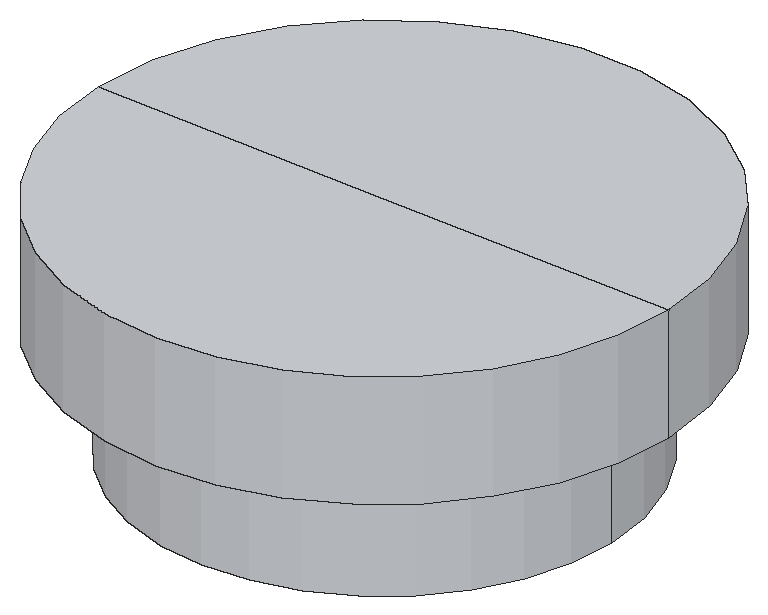
Revit family "BM_Rauchmelder_V1700", category Brandmelder, Revit 2017
Family settings
  Beschriftungsausrichtung beibehalten = Nein
  Bemaßung runder Anschluss = Radius verwenden
  Teiletyp = Normal
  OmniClass-Nummer = 23.85.30.21.11
  OmniClass-Titel = Fire Detection, Monitoring and Alarm
  Arbeitsebenenbasiert = Ja
  Immer vertikal = Ja
  Beim Laden mit Abzugskörper schneiden = Nein
  Gemeinsam genutzt = Nein
  Raumberechnungspunkt = Ja
Parameters (values of type "Rauchmelder_u_Decke")
  pbr_Material_KZ = ""
  pbr_Material = none
  pbr_E_Typ = ""
  pbr_E_KZ = ""
  pbr_DINBild = 0
  pbr_Bild = 0
  pbr_3Dx_Delta_Korrekturversatz [instance] = 0 mm
  pbr_3DX_Versatzfaktor [instance] = 0
  pbr_2DY_Versatzfaktor [instance] = 0
  pbr_2DX_Versatzfaktor [instance] = 0
  lfd_STRK [instance] = 0
  Zentrale [instance] = ""
  YFrontversatz [instance] = if(pbr_2DY_Versatzfaktor = 300, 0 mm, pbr_2DY_Versatzfaktor * 300 mm)  # 0 mm
  XSeitenversatz [instance] = if(pbr_2DX_Versatzfaktor = 0, 3000 mm, 3000 mm + (pbr_2DX_Versatzfaktor * 300 mm)) + Eckversatz  # 3000 mm
  X3Dversatz [instance] = if([3DX_Versatzkontrolle] = 0, 2000 mm, 2000 mm + ([3DX_Versatzkontrolle] * (300 mm - Breite))) + pbr_3Dx_Delta_Korrekturversatz  # 2000 mm
  Winkel [instance] = 90.00°
  Default Elevation = 1219.2 mm
  Typ [instance] = ""
  Tiefe = Breite  # 200 mm
  Text3 [instance] = ""
  Text2 [instance] = ""
  Text1 [instance] = ""
  Symbollänge [instance] = 0 mm
  Symbolabstand [instance] = if(Symbollänge = 0 mm, Breite, Symbollänge)  # 200 mm
  Spannung [instance] = 0
  Scheinleistung [instance] = 0 VA
  Rauchmelder unter Decke = yes
  Rauchmelder mit Alarmierung = no
  Rauchmelder in abgehängter Decke = no
  Rauchmelder im Lüftungskanal = no
  Rauchmelder im Doppelboden = no
  Rauchmelder (RWA) = no
  Radius_Melder = Breite * 0.4  # 80 mm
  Polig [instance] = 1
  Planungsbüro Osnabrück = "www.pbr.de"
  Niveau [instance] = 0 mm
  Netzart = ""
  Nennstrom [instance] = 0
  Menge (Dosenzahl) [instance] = 1
  Mehrkriterienmelder Küche = no
  Loop [instance] = ""
  Linie/Anschluss [instance] = ""
  Linearer Rauchmelder Sender = no
  Linearer Rauchmelder Empfänger = no
  Leistungsfaktor [instance] = 0
  Lastklassifizierung = none
  Ionisations-Rauchmelder = no
  Installationsart = ""
  Info [instance] = ""
  Höhe = 80 mm
  Gewerk [instance] = "Brandmelder"
  Flammenmelder Infrarot (FMI) = no
  Eckversatz [instance] = 0 mm
  Bus [instance] = ""
  Breite = 200 mm
  Betriebsstrom ruhe [instance] = 0
  Betriebsstrom max [instance] = 0
  3DX_Versatzkontrolle [instance] = if(pbr_3DX_Versatzfaktor = 0, (pbr_2DX_Versatzfaktor * -1), (((-1 * pbr_3DX_Versatzfaktor) + pbr_2DX_Versatzfaktor) * -1))  # 0
Types (11, lengths in mm): name | Rauchmelder unter Decke | Rauchmelder mit Alarmierung | Rauchmelder in abgehängter Decke | Rauchmelder im Lüftungskanal | Rauchmelder im Doppelboden | Rauchmelder (RWA) | Mehrkriterienmelder Küche | Linearer Rauchmelder Sender | Linearer Rauchmelder Empfänger | Ionisations-Rauchmelder | Gewerk | Flammenmelder Infrarot (FMI)
  Rauchmelder_RWA | no | no | no | no | no | yes | no | no | no | no | "RWA" | no
  Rauchmelder_Doppelboden | no | no | no | no | yes | no | no | no | no | no | "Brandmelder" | no
  Rauchmelder_u_Decke | yes | no | no | no | no | no | no | no | no | no | "Brandmelder" | no
  Rauchmelder_Alarmierung | no | yes | no | no | no | no | no | no | no | no | "Brandmelder" | no
  Rauchmelder_Lueftungskanal | no | no | no | yes | no | no | no | no | no | no | "Brandmelder" | no
  Ionisations_Rauchmelder | no | no | no | no | no | no | no | no | no | yes | "Brandmelder" | no
  Flammenmelder_Infrarot | no | no | no | no | no | no | no | no | no | no | "Brandmelder" | yes
  Linearer_Rauchmelder_Empf | no | no | no | no | no | no | no | no | yes | no | "Brandmelder" | no
  Linearer_Rauchmelder_Send | no | no | no | no | no | no | no | yes | no | no | "Brandmelder" | no
  Mehrkriterienmelder_Kueche | no | no | no | no | no | no | yes | no | no | no | "Brandmelder" | no
  Rauchmelder_abgehaengter_Decke | no | no | yes | no | no | no | no | no | no | no | "Brandmelder" | no
Reference planes
  plane 1 "Mitte (Vorne/Hinten)": y = 0
  plane 2: z = 0
  plane 3 "Mitte (Links/Rechts)": x = 0
  plane 4: y = 100
  plane 5: x = 100
  plane 6: y = -100
  plane 7: x = -100
  plane 8: y = -100
  plane 9: y = 100
  plane 10: x = -100
  plane 11: x = 100
  plane 12: z = 80
  plane 13: z = 40
Forms (mm)
  Revolve 1, solid
    sketch origin (0.104, 0.058, -0.046) x (1, 0, 0) y (0, 0, 1)
      loop
        line (0, 80.046) -> (0, 0) -> (79.896, 0) -> (79.896, 40.046) -> (99.896, 40.046) -> (99.896, 80.046) -> (0, 80.046)
      axis (0, 0) -> (0, 80.046)
    angle from 0 to 360
Lines and regions (mm)
  reference lines
    curve 1: line (0, 0, 1407.319) -> (0, 0, 1447.319)
Dimensions and locks
  equal spacing: plane 7, plane 3 "Mitte (Links/Rechts)", plane 5
  equal spacing: plane 6, plane 1 "Mitte (Vorne/Hinten)", plane 4
  "Symbolabstand": plane 7 to plane 5
  plane 4 to plane 6 = 200 mm
  equal spacing: plane 8, plane 1 "Mitte (Vorne/Hinten)", plane 9
  "Tiefe": plane 8 to plane 9
  equal spacing: plane 10, plane 3 "Mitte (Links/Rechts)", plane 11
  "Breite": plane 10 to plane 11
  "Höhe": plane 12 to plane 2
  equal spacing: plane 12, plane 13, level
  "Radius_Melder": Revolve 1 sketch curve to plane 3 "Mitte (Links/Rechts)"
  aligned and locked: level to plane 2
  aligned and locked: Revolve 1 sketch curve to plane 12
  aligned and locked: plane 3 "Mitte (Links/Rechts)" to nested 1
  aligned and locked: plane 1 "Mitte (Vorne/Hinten)" to nested 1
  aligned and locked: plane 3 "Mitte (Links/Rechts)" to nested 2
  aligned and locked: plane 1 "Mitte (Vorne/Hinten)" to nested 2
  aligned and locked: plane 3 "Mitte (Links/Rechts)" to nested 3
  aligned and locked: plane 1 "Mitte (Vorne/Hinten)" to nested 3
  aligned and locked: plane 3 "Mitte (Links/Rechts)" to nested 5
  aligned and locked: plane 1 "Mitte (Vorne/Hinten)" to nested 5
  aligned and locked: plane 3 "Mitte (Links/Rechts)" to nested 6
  aligned and locked: plane 1 "Mitte (Vorne/Hinten)" to nested 6
  aligned and locked: plane 3 "Mitte (Links/Rechts)" to nested 7
  aligned and locked: plane 1 "Mitte (Vorne/Hinten)" to nested 7
  aligned and locked: plane 3 "Mitte (Links/Rechts)" to nested 8
  aligned and locked: plane 1 "Mitte (Vorne/Hinten)" to nested 8
  aligned and locked: plane 3 "Mitte (Links/Rechts)" to nested 9
  aligned and locked: plane 1 "Mitte (Vorne/Hinten)" to nested 9
  aligned and locked: plane 3 "Mitte (Links/Rechts)" to nested 10
  aligned and locked: plane 1 "Mitte (Vorne/Hinten)" to nested 10
Automatic sketch dimensions
  curve 1 to plane 3 "Mitte (Links/Rechts)" = 0 mm
  level to curve 1 = 1407.319 mm
  curve 1 to curve 1 = 40 mm
  Revolve 1 sketch curve to plane 5 = 0 mm
  Revolve 1 sketch curve to plane 13 = 0 mm
  plane 3 "Mitte (Links/Rechts)" to Revolve 1 sketch curve = 0.104 mm  (x2)
  Revolve 1 sketch curve to level = 0.046 mm
  Revolve 1 sketch curve to plane 13 = 8.096 mm
  Revolve 1 sketch curve to Revolve 1 sketch curve = 75.15 mm
Nested families
  nested 1: "Flammenmelder Infrarot (FMI)" at (0, 0, 0), visible <- "Flammenmelder Infrarot (FMI)", type "Flammenmelder Infrarot (FMI)"
  nested 2: "Ionisations-Rauchmelder" at (0, 0, 0), visible <- "Ionisations-Rauchmelder", type "Ionisations-Rauchmelder"
  nested 3: "Rauchmelder (RWA)" at (0, 0, 0), visible <- "Rauchmelder (RWA)", type "Rauchmelder (RWA)"
  nested 4: "Rauchmelder im Doppelboden" at (0, 0, 0), visible <- "Rauchmelder im Doppelboden", type "Rauchmelder im Doppelboden"
  nested 5: "Rauchmelder im Lüftungskanal" at (0, 0, 0), visible <- "Rauchmelder im Lüftungskanal", type "Rauchmelder im Lüftungskanal"
  nested 6: "Rauchmelder in abgeh.Decke" at (0, 0, 0), visible <- "Rauchmelder in abgehängter Decke", type "Rauchmelder in abgeh.Decke"
  nested 7: "Rauchmelder mit Alarmierung" at (0, 0, 0), visible <- "Rauchmelder mit Alarmierung", type "Rauchmelder mit Alarmierung"
  nested 8: "Rauchmelder unter Decke" at (0, 0, 0), visible <- "Rauchmelder unter Decke", type "Rauchmelder unter Decke"
  nested 9: "Linearer Rauchmelder Empfänger" at (0, 0, 0), visible <- "Linearer Rauchmelder Empfänger", type "Linearer Rauchmelder Empfänger"
  nested 10: "Linearer Rauchmelder Sender" at (0, 0, 0), visible <- "Linearer Rauchmelder Sender", type "Linearer Rauchmelder Sender"
  nested 11: "Mehrkriterienmelder Küche" at (-10, -134.946, 0), visible <- "Mehrkriterienmelder Küche", Winkel <- "Winkel", type "Mehrkriterienmelder Küche"
    with Winkel 90.00°
Connectors
  electrical at (0.104, 0.058, 80)
    settings: on Revolve 1, index 1, voltage 12 V, apparent load 1 VA, apparent load phase1 0 VA, apparent load phase2 0 VA, apparent load phase3 0 VA, power factor 1, load classification "Sonstige", number of poles 1, system type 11, power factor state 1, is connector primary yes, connector utility no, sub classification motor no, connector description ""
Definition of nested family "Flammenmelder Infrarot (FMI)"
  Parameters (values of type "Flammenmelder Infrarot (FMI)")
    R = yes
    I = yes
  Reference planes
    plane 1 "Mitte (Vorne/Hinten)": y = 0
    plane 2: z = 0
    plane 3 "Mitte (Links/Rechts)": x = 0
    plane 4: x = 0
    plane 5: y = 0
  Lines and regions (mm)
    Filled region 1, type "Beton", in view "Referenzebene", visible <- "I"
      outline origin (355.008, -762.562, 0) x (1, 0, 0) y (0, 1, 0)
        loop
          line (-435.145, 897.421) -> (-458.442, 897.421) -> (-458.442, 720.036) -> (-435.145, 720.036) -> (-435.145, 897.421)
    Filled region 2, type "Beton", in view "Referenzebene", visible <- "R"
      outline origin (-479.752, -683.543, 0) x (1, 0, 0) y (0, 1, 0)
        loop
          line (461.884, 794.515) -> (461.884, 735.525) -> (526.884, 735.525)
          arc (526.884, 735.525) -> (556.379, 765.02) -> (526.884, 794.515) r 29.495
          line (526.884, 794.515) -> (461.884, 794.515)
        loop
          line (438.525, 813.798) -> (438.525, 636.413) -> (461.902, 636.413) -> (461.902, 715.142) -> (491.437, 715.142)
          spline (491.437, 715.142) -> (499.704, 714.647) -> (504.203, 713.6) -> (507.421, 712.494) -> (510.186, 711.185) -> (512.796, 709.521) -> (515.224, 707.7) -> (517.472, 705.797) -> (519.643, 703.669) -> (521.897, 701.172) -> (524.464, 698.167) -> (527.833, 694.002) -> (532.856, 687.296)
          line (532.856, 687.296) -> (564.651, 636.413) -> (594.651, 636.413) -> (569.281, 677.014)
          spline (569.281, 677.014) -> (564.676, 683.577) -> (560.638, 689.257) -> (557.067, 694.12) -> (553.865, 698.23) -> (550.959, 701.65) -> (548.412, 704.409) -> (546.337, 706.529) -> (544.796, 708.058) -> (543.428, 709.275) -> (541.64, 710.601) -> (538.684, 712.62) -> (530.969, 717.131)
          arc (530.969, 717.131) -> (579.303, 765.465) -> (530.969, 813.798) r 48.334
          line (530.969, 813.798) -> (438.525, 813.798)
    detail lines, in view "Referenzebene"
      curve 1: line (-108.927, -127.422, 0) -> (107.041, -127.422, 0)
      curve 2: line (107.041, -127.422, 0) -> (107.041, -47.13, 0)
      curve 3: line (107.041, -47.13, 0) -> (-108.927, -47.13, 0)
      curve 4: line (-108.927, -47.13, 0) -> (-108.927, -127.422, 0)
      curve 5: line (-69.286, -47.13, 0) -> (-2.346, -47.13, 0)
      curve 6: line (-2.346, -47.13, 0) -> (-34.407, -127.422, 0)
      curve 7: line (-34.407, -127.422, 0) -> (-69.286, -47.13, 0)
      curve 8: line (-1.641, -47.13, 0) -> (66.355, -47.13, 0)
      curve 9: line (66.355, -47.13, 0) -> (25.134, -127.422, 0)
      curve 10: line (25.134, -127.422, 0) -> (-1.641, -47.13, 0)
      curve 11: line (-134.92, -134.859, 0) -> (-134.92, 134.859, 0)
      curve 12: line (-134.92, 134.859, 0) -> (134.92, 134.859, 0)
      curve 13: line (134.92, 134.859, 0) -> (134.92, -134.859, 0)
      curve 14: line (134.92, -134.859, 0) -> (-134.92, -134.859, 0)
Definition of nested family "Ionisations-Rauchmelder"
  Reference planes
    plane 1 "Mitte (Vorne/Hinten)": y = 0
    plane 2: z = 0
    plane 3 "Mitte (Links/Rechts)": x = 0
  Lines and regions (mm)
    detail lines, in view "Referenzebene"
      curve 1: line (-135, 135, 0) -> (-135, -135, 0)
      curve 2: line (-135, -135, 0) -> (135, -135, 0)
      curve 3: line (135, -135, 0) -> (135, 135, 0)
      curve 4: line (135, 135, 0) -> (-135, 135, 0)
      curve 5: arc (-3.435, 50.345, 0) -> (-29.325, 87.616, 0) -> (-72.795, 100.647, 0) r 68.778
      curve 6: arc (-3.435, 50.345, 0) -> (11.343, 20.761, 0) -> (40.375, 4.925, 0) r 55.224
      curve 7: arc (77.74, -37.577, 0) -> (64.807, -11.272, 0) -> (40.375, 4.925, 0) r 56.126
      curve 8: arc (-49.945, 23.493, 0) -> (-75.836, 60.764, 0) -> (-119.306, 73.795, 0) r 68.778
      curve 9: arc (-49.945, 23.493, 0) -> (-35.167, -6.092, 0) -> (-6.136, -21.928, 0) r 55.224
      curve 10: arc (31.23, -64.43, 0) -> (18.296, -38.125, 0) -> (-6.136, -21.928, 0) r 56.126
      curve 11: line (77.74, -37.577, 0) -> (90.426, -31.655, 0)
      curve 12: line (90.426, -31.655, 0) -> (97.558, -80.281, 0)
      curve 13: line (97.558, -80.281, 0) -> (64.86, -43.591, 0)
      curve 14: line (64.86, -43.591, 0) -> (77.74, -37.577, 0)
      curve 15: line (31.23, -64.43, 0) -> (43.915, -58.508, 0)
      curve 16: line (43.915, -58.508, 0) -> (51.048, -107.134, 0)
      curve 17: line (51.048, -107.134, 0) -> (18.349, -70.444, 0)
      curve 18: line (18.349, -70.444, 0) -> (31.23, -64.43, 0)
Definition of nested family "Rauchmelder (RWA)"
  Reference planes
    plane 1 "Mitte (Vorne/Hinten)": y = 0
    plane 2: z = 0
    plane 3 "Mitte (Links/Rechts)": x = 0
    plane 4: x = 0
    plane 5: y = 0
  Lines and regions (mm)
    Filled region 1, type "Beton", in view "Referenzebene"
      outline origin (-873.62, -847.301, 0) x (1, 0, 0) y (0, 1, 0)
        loop
          line (921.11, 862.829) -> (898.41, 840.129) -> (962.605, 798.635) -> (921.11, 862.829)
        loop
          line (882.176, 823.895) -> (859.476, 801.195) -> (923.671, 759.701) -> (882.176, 823.895)
    detail lines, in view "Referenzebene"
      curve 1: line (-87.602, 50.052, 0) -> (-2.794, -34.756, 0)
      curve 2: line (-48.667, 88.986, 0) -> (36.14, 4.178, 0)
      curve 3: line (-135.028, 135.028, 0) -> (135.028, 135.028, 0)
      curve 4: line (135.028, 135.028, 0) -> (135.028, -135.028, 0)
      curve 5: line (135.028, -135.028, 0) -> (-135.028, -135.028, 0)
      curve 6: line (-135.028, -135.028, 0) -> (-135.028, 135.028, 0)
Definition of nested family "Rauchmelder im Doppelboden"
  Reference planes
    plane 1 "Mitte (Vorne/Hinten)": y = 0
    plane 2: z = 0
    plane 3 "Mitte (Links/Rechts)": x = 0
  Lines and regions (mm)
    Filled region 1, type "Beton", in view "Referenzebene"
      outline origin (397.409, -303.513, 0) x (1, 0, 0) y (0, 1, 0)
        loop
          line (-400.743, 276.255) -> (-410.311, 266.687) -> (-356.196, 231.707) -> (-391.175, 285.823) -> (-400.743, 276.255)
        loop
          line (-369.243, 307.755) -> (-378.811, 298.187) -> (-324.696, 263.207) -> (-358.136, 318.862) -> (-369.243, 307.755)
    detail lines, in view "Referenzebene"
      curve 1: line (-10.724, -38.234, 0) -> (41.214, -71.806, 0)
      curve 2: line (41.214, -71.806, 0) -> (7.642, -19.868, 0)
      curve 3: line (72.714, -40.306, 0) -> (20.776, -6.734, 0)
      curve 4: line (-134.281, 135.189, 0) -> (135.719, 135.189, 0)
      curve 5: line (135.719, 135.189, 0) -> (135.719, -134.811, 0)
      curve 6: line (135.719, -134.811, 0) -> (-134.281, -134.811, 0)
      curve 7: line (-134.281, -134.811, 0) -> (-134.281, 135.189, 0)
      curve 8: line (-70.156, 39.564, 0) -> (-3.334, -27.258, 0)
      curve 9: line (-38.656, 71.064, 0) -> (28.166, 4.242, 0)
      curve 10: line (-108.526, 109.435, 0) -> (109.965, 109.435, 0)
      curve 11: line (109.965, 109.435, 0) -> (109.965, -109.057, 0)
      curve 12: line (109.965, -109.057, 0) -> (-108.526, -109.057, 0)
      curve 13: line (-108.526, -109.057, 0) -> (-108.526, 109.435, 0)
Definition of nested family "Rauchmelder im Lüftungskanal"
  Reference planes
    plane 1 "Mitte (Vorne/Hinten)": y = 0
    plane 2: z = 0
    plane 3 "Mitte (Links/Rechts)": x = 0
    plane 4: x = 0
    plane 5: y = 0
  Lines and regions (mm)
    Filled region 1, type "Beton", in view "Referenzebene"
      outline origin (-590.312, -648.721, 0) x (1, 0, 0) y (0, 1, 0)
        loop
          line (650.535, 648.344) -> (629.034, 622.18) -> (669.232, 611.901) -> (650.535, 648.344)
        loop
          line (644.004, 583.866) -> (625.307, 620.309) -> (603.806, 594.145) -> (644.004, 583.866)
    detail lines, in view "Referenzebene"
      curve 1: line (-108.82, 74.765, 0) -> (23.69, -42.169, 0)
      curve 2: line (-82.59, 104.536, 0) -> (48.918, -14.133, 0)
      curve 3: line (-133.168, -29.473, 0) -> (-28.325, -134.271, 0)
      curve 4: line (27.532, 134.807, 0) -> (134.666, 27.72, 0)
      curve 5: line (-134.944, -134.271, 0) -> (-134.944, 134.271, 0)
      curve 6: line (-134.944, 134.271, 0) -> (134.944, 134.271, 0)
      curve 7: line (134.944, 134.271, 0) -> (134.944, -134.271, 0)
      curve 8: line (134.944, -134.271, 0) -> (-134.944, -134.271, 0)
Definition of nested family "Rauchmelder in abgeh.Decke"
  Reference planes
    plane 1 "Mitte (Vorne/Hinten)": y = 0
    plane 2: z = 0
    plane 3 "Mitte (Links/Rechts)": x = 0
    plane 4: x = 0
    plane 5: y = 0
  Lines and regions (mm)
    Filled region 1, type "Beton", in view "Referenzebene"
      outline origin (-466.803, -509.193, 0) x (1, 0, 0) y (0, 1, 0)
        loop
          line (510.824, 522.304) -> (489.782, 501.262) -> (549.288, 462.798) -> (510.824, 522.304)
        loop
          line (474.734, 486.214) -> (453.692, 465.172) -> (513.198, 426.708) -> (474.734, 486.214)
    detail lines, in view "Referenzebene"
      curve 1: circle (0, 0, 0) r 135.029 normal (0, 0, 1)
      curve 2: line (-13.111, -44.021, 0) -> (46.395, -82.485, 0)
      curve 3: line (46.395, -82.485, 0) -> (7.931, -22.979, 0)
      curve 4: line (44.021, 13.111, 0) -> (82.485, -46.395, 0)
      curve 5: line (82.485, -46.395, 0) -> (22.979, -7.931, 0)
      curve 6: line (-81.202, 45.113, 0) -> (-2.59, -33.5, 0)
      curve 7: line (-45.112, 81.203, 0) -> (33.5, 2.59, 0)
      curve 8: line (-87.615, -87.615, 0) -> (-87.615, 87.615, 0)
      curve 9: line (-87.615, 87.615, 0) -> (87.615, 87.615, 0)
      curve 10: line (87.615, 87.615, 0) -> (87.615, -87.615, 0)
      curve 11: line (87.615, -87.615, 0) -> (-87.615, -87.615, 0)
Definition of nested family "Rauchmelder mit Alarmierung"
  Reference planes
    plane 1 "Mitte (Vorne/Hinten)": y = 0
    plane 2: z = 0
    plane 3 "Mitte (Links/Rechts)": x = 0
    plane 4: x = 0
    plane 5: y = 0
  Lines and regions (mm)
    Filled region 1, type "Beton", in view "Referenzebene"
      outline origin (-873.62, -847.301, 0) x (1, 0, 0) y (0, 1, 0)
        loop
          line (921.11, 862.829) -> (898.41, 840.129) -> (962.605, 798.635) -> (921.11, 862.829)
        loop
          line (882.176, 823.895) -> (859.476, 801.195) -> (923.671, 759.701) -> (882.176, 823.895)
    detail lines, in view "Referenzebene"
      curve 1: line (-87.602, 50.052, 0) -> (-2.794, -34.756, 0)
      curve 2: line (-48.667, 88.986, 0) -> (36.14, 4.178, 0)
      curve 3: line (-135.028, 135.028, 0) -> (135.028, 135.028, 0)
      curve 4: line (135.028, 135.028, 0) -> (135.028, -135.028, 0)
      curve 5: line (135.028, -135.028, 0) -> (-135.028, -135.028, 0)
      curve 6: line (-135.028, -135.028, 0) -> (-135.028, 135.028, 0)
      curve 7: line (46.35, -194.767, 0) -> (101.271, -173.909, 0)
      curve 8: line (101.271, -173.909, 0) -> (101.271, -243.434, 0)
      curve 9: line (101.271, -243.434, 0) -> (46.35, -222.577, 0)
      curve 10: line (-46.35, -255.022, 0) -> (46.35, -255.022, 0)
      curve 11: line (46.35, -255.022, 0) -> (46.35, -162.322, 0)
      curve 12: line (46.35, -162.322, 0) -> (-46.35, -162.322, 0)
      curve 13: line (-46.35, -162.322, 0) -> (-46.35, -255.022, 0)
      curve 14: line (0, -135.028, 0) -> (0, -162.322, 0)
Definition of nested family "Rauchmelder unter Decke"
  Reference planes
    plane 1 "Mitte (Vorne/Hinten)": y = 0
    plane 2: z = 0
    plane 3 "Mitte (Links/Rechts)": x = 0
    plane 4: x = 0
    plane 5: y = 0
  Lines and regions (mm)
    Filled region 1, type "Beton", in view "Referenzebene"
      outline origin (-873.62, -847.301, 0) x (1, 0, 0) y (0, 1, 0)
        loop
          line (921.11, 862.829) -> (898.41, 840.129) -> (962.605, 798.635) -> (921.11, 862.829)
        loop
          line (882.176, 823.895) -> (859.476, 801.195) -> (923.671, 759.701) -> (882.176, 823.895)
    detail lines, in view "Referenzebene"
      curve 1: line (-87.602, 50.052, 0) -> (-2.794, -34.756, 0)
      curve 2: line (-48.667, 88.986, 0) -> (36.14, 4.178, 0)
      curve 3: line (-135.028, 135.028, 0) -> (135.028, 135.028, 0)
      curve 4: line (135.028, 135.028, 0) -> (135.028, -135.028, 0)
      curve 5: line (135.028, -135.028, 0) -> (-135.028, -135.028, 0)
      curve 6: line (-135.028, -135.028, 0) -> (-135.028, 135.028, 0)
Definition of nested family "Linearer Rauchmelder Empfänger"
  Reference planes
    plane 1 "Mitte (Vorne/Hinten)": y = 0
    plane 2: z = 0
    plane 3 "Mitte (Links/Rechts)": x = 0
    plane 4: x = 0
    plane 5: y = 0
  Lines and regions (mm)
    Filled region 1, type "Beton", in view "Referenzebene"
      outline origin (-581.105, -468.232, 0) x (1, 0, 0) y (0, 1, 0)
        loop
          line (557.853, 520.13) -> (546.08, 480.102) -> (583.375, 497.583) -> (557.853, 520.13)
        loop
          line (600.539, 478.591) -> (588.765, 438.563) -> (626.06, 456.044) -> (600.539, 478.591)
        loop
          line (539.612, 447.914) -> (539.612, 462.093) -> (470.118, 462.093) -> (470.118, 342.093) -> (541.856, 342.093) -> (541.856, 356.131) -> (482.852, 356.131) -> (482.852, 396.95) -> (536.011, 396.95) -> (536.011, 411.096) -> (482.852, 411.096) -> (482.852, 447.914) -> (539.612, 447.914)
    detail lines, in view "Referenzebene"
      curve 1: line (-23.253, 51.898, 0) -> (-35.026, 11.87, 0)
      curve 2: line (-35.026, 11.87, 0) -> (2.269, 29.351, 0)
      curve 3: line (2.269, 29.351, 0) -> (-23.253, 51.898, 0)
      curve 4: line (44.918, 97.601, 0) -> (-11.15, 41.206, 0)
      curve 5: line (-122.19, 85.976, 0) -> (87.154, -123.276, 0)
      curve 6: line (-135.006, -134.946, 0) -> (-135.006, 134.946, 0)
      curve 7: line (-135.006, 134.946, 0) -> (135.006, 134.946, 0)
      curve 8: line (135.006, 134.946, 0) -> (135.006, -134.946, 0)
      curve 9: line (135.006, -134.946, 0) -> (-135.006, -134.946, 0)
      curve 10: line (87.604, 56.062, 0) -> (31.536, -0.333, 0)
      curve 11: line (19.433, 10.36, 0) -> (7.66, -29.669, 0)
      curve 12: line (7.66, -29.669, 0) -> (44.955, -12.188, 0)
      curve 13: line (44.955, -12.188, 0) -> (19.433, 10.36, 0)
Definition of nested family "Linearer Rauchmelder Sender"
  Reference planes
    plane 1 "Mitte (Vorne/Hinten)": y = 0
    plane 2: z = 0
    plane 3 "Mitte (Links/Rechts)": x = 0
    plane 4: x = 0
    plane 5: y = 0
  Lines and regions (mm)
    Filled region 1, type "Beton", in view "Referenzebene"
      outline origin (-605.435, -605.892, 0) x (1, 0, 0) y (0, 1, 0)
        loop
          line (556.021, 570.275) -> (568.274, 571.431)
          spline (568.274, 571.431) -> (556.62, 599.163) -> (535.096, 607.213) -> (514.85, 603.306) -> (500.225, 586.078) -> (499.501, 564.911) -> (511.172, 548.604) -> (536.491, 538.623) -> (554.599, 529.673) -> (557.251, 509.615) -> (541.026, 497.81) -> (518.415, 501.953) -> (506.627, 525.02)
          line (506.627, 525.02) -> (494.607, 523.699)
          spline (494.607, 523.699) -> (502.277, 498.097) -> (521.862, 484.6) -> (544.247, 483.892) -> (563.431, 495.616) -> (571.167, 517.714) -> (565.035, 539.349) -> (550.331, 550.461) -> (522.287, 559.766) -> (510.633, 573.53) -> (519.955, 591.033) -> (544.092, 591.219) -> (556.021, 570.275)
    Filled region 2, type "Beton", in view "Referenzebene"
      outline origin (-605.435, -605.892, 0) x (1, 0, 0) y (0, 1, 0)
        loop
          line (607.704, 635.243) -> (582.183, 657.79) -> (570.409, 617.762) -> (607.704, 635.243)
        loop
          line (624.868, 616.252) -> (613.095, 576.223) -> (650.39, 593.704) -> (624.868, 616.252)
    detail lines, in view "Referenzebene"
      curve 1: line (44.918, 97.601, 0) -> (-11.15, 41.206, 0)
      curve 2: line (-122.19, 85.976, 0) -> (87.154, -123.276, 0)
      curve 3: line (-135.006, -134.946, 0) -> (-135.006, 134.946, 0)
      curve 4: line (-135.006, 134.946, 0) -> (135.006, 134.946, 0)
      curve 5: line (135.006, 134.946, 0) -> (135.006, -134.946, 0)
      curve 6: line (135.006, -134.946, 0) -> (-135.006, -134.946, 0)
      curve 7: line (87.604, 56.062, 0) -> (31.536, -0.333, 0)
Definition of nested family "Mehrkriterienmelder Küche"
  Parameters (values of type "Mehrkriterienmelder Küche")
    Winkel [instance] = 90.00°
  Reference planes
    plane 1 "Mitte (Vorne/Hinten)": y = 0
    plane 2: z = 0
    plane 3 "Mitte (Links/Rechts)": x = 0
  Lines and regions (mm)
    detail lines, in view "Referenzebene"
      curve 1: line (-122.74, 269.507, 0) -> (147.406, 269.507, 0)
      curve 2: line (147.406, 269.507, 0) -> (147.406, 0, 0)
      curve 3: line (147.406, 0, 0) -> (-122.74, 0, 0)
      curve 4: line (-122.74, 0, 0) -> (-122.74, 269.507, 0)
  Dimensions and locks
    "Winkel": angle nested 1 to plane 3 "Mitte (Links/Rechts)"
  Automatic sketch dimensions
    plane 1 "Mitte (Vorne/Hinten)" to curve 4 = 0 mm
    curve 4 to plane 3 "Mitte (Links/Rechts)" = 122.74 mm
    plane 3 "Mitte (Links/Rechts)" to curve 3 = 147.406 mm
    curve 2 to plane 1 "Mitte (Vorne/Hinten)" = 269.507 mm
  Nested families
    nested 1: "text_Mehrkriterienmelder Küche" at (27.406, 139.507, 0), type "text_Mehrkriterienmelder Küche", in view "Referenzebene"
  Definition of nested family "text_Mehrkriterienmelder Küche"
    Parameters (values of type "text_Mehrkriterienmelder Küche")
      R = yes
    Reference planes
      plane 1 "Mitte (Vorne/Hinten)": y = 0
      plane 2: z = 0
      plane 3 "Mitte (Links/Rechts)": x = 0
    Lines and regions (mm)
      Filled region 1, type "Beton", in view "Referenzebene", visible <- "R"
        outline origin (-442.49, -805.408, 0) x (1, 0, 0) y (0, 1, 0)
          loop
            line (387.26, 874.673) -> (387.26, 815.683) -> (452.26, 815.683)
            arc (452.26, 815.683) -> (481.754, 845.178) -> (452.26, 874.673) r 29.495
            line (452.26, 874.673) -> (387.26, 874.673)
          loop
            line (363.9, 893.956) -> (363.9, 716.571) -> (387.277, 716.571) -> (387.277, 795.3) -> (416.812, 795.3)
            spline (416.812, 795.3) -> (425.079, 794.804) -> (429.578, 793.757) -> (432.796, 792.652) -> (435.562, 791.342) -> (438.171, 789.679) -> (440.599, 787.858) -> (442.847, 785.955) -> (445.018, 783.827) -> (447.272, 781.33) -> (449.839, 778.325) -> (453.208, 774.16) -> (458.231, 767.454)
            line (458.231, 767.454) -> (490.026, 716.571) -> (520.026, 716.571) -> (494.656, 757.172)
            spline (494.656, 757.172) -> (490.052, 763.735) -> (486.013, 769.415) -> (482.442, 774.278) -> (479.24, 778.388) -> (476.334, 781.808) -> (473.787, 784.567) -> (471.712, 786.687) -> (470.172, 788.216) -> (468.803, 789.433) -> (467.016, 790.759) -> (464.059, 792.778) -> (456.344, 797.289)
            arc (456.344, 797.289) -> (504.678, 845.622) -> (456.344, 893.956) r 48.334
            line (456.344, 893.956) -> (363.9, 893.956)
